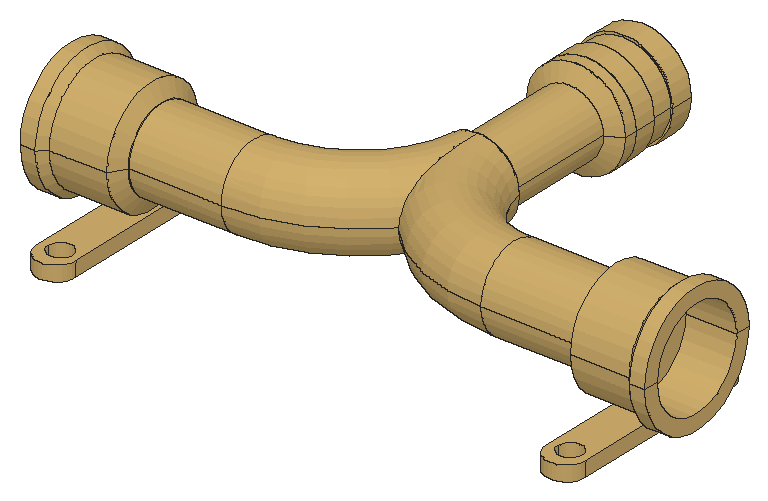
Revit family "UPEX_Te_Mis", category Pipe Fittings, Revit 2025
Family settings
  Round Connector Dimension = Use Diameter
  Part Type = Tee
  OmniClass Number = 23.60.30.11.14
  OmniClass Title = Pipework Fittings
  Work Plane-Based = No
  Always vertical = Yes
  Cut with Voids When Loaded = No
  Shared = No
Parameters (values of type "16x1/2"")
  Visualização Conexão = yes
  URL = "https://www.ultrapex.com.br/_files/ugd/9f3173_32d47a29bbff48b5af4781a5d529eee8.pdf"
  ULTRAPEX: Versão = "01"  # constant formula
  ULTRAPEX: Norma Técnica = "NBR 15939"  # constant formula
  ULTRAPEX: Descrição [instance] = size_lookup(LookupTable, "DES", "Produto Inexistente", DN1, DN2)  # "Tê Misturador 16x1/2\" - ULTRAPEX"
  ULTRAPEX: Código [instance] = size_lookup(LookupTable, "COD", 0, DN1, DN2)  # 9141612
  Type Image = Tê Misturador.png
  RN2 = DN2 / 2  # 10.05 mm
  RN1 [instance] = DN1 / 2 + 2.0 mm  # 10.0 mm
  Material = Latão - Ultrapex
  LookupTable = "Tê Misturador - ULTRAPEX"
  IfcExportAs = "IfcPipeFittingType.CONNECTOR"  # constant formula
  Manufacturer = "UltraPEX"  # constant formula
  Default Elevation = 0.0 mm
  Description = "Tê Misturador - ULTRAPEX"
  DN2 Nominal = 20.0 mm
  DN2 = if(DN2 Nominal = 20 mm, 20.1 mm, if(DN2 Nominal = 25 mm, 26.4 mm, if(DN2 Nominal = 32 mm, 33.4 mm, 20 mm)))  # 20.1 mm
  DN1 = 16 mm
  Cota J = size_lookup(LookupTable, "J", 10.3 mm, DN1, DN2)  # 10.3 mm
  Cota I = size_lookup(LookupTable, "I", 1.5 mm, DN1, DN2)  # 1.5 mm
  Cota H = size_lookup(LookupTable, "H", 16.7 mm, DN1, DN2)  # 16.7 mm
  Cota G = size_lookup(LookupTable, "G", 23.5 mm, DN1, DN2)  # 23.5 mm
  Cota F = size_lookup(LookupTable, "F", 21.5 mm, DN1, DN2)  # 26.1 mm
  Cota E = size_lookup(LookupTable, "E", 16.7 mm, DN1, DN2)  # 16.7 mm
  Cota D = size_lookup(LookupTable, "D", 4.3 mm, DN1, DN2)  # 4.3 mm
  Cota C = size_lookup(LookupTable, "C", 103.0 mm, DN1, DN2)  # 103.0 mm
  Cota B = size_lookup(LookupTable, "B", 65.0 mm, DN1, DN2)  # 65.0 mm
  Cota A = size_lookup(LookupTable, "A", 126.2 mm, DN1, DN2)  # 126.2 mm
Types (4, lengths in mm): name | ULTRAPEX: Descrição | ULTRAPEX: Código | RN2 | RN1 | DN2 Nominal | DN2 | DN1 | Cota J | Cota I | Cota H | Cota G | Cota F | Cota E | Cota D | Cota C | Cota B | Cota A
  16x1/2" | "Tê Misturador 16x1/2\" - ULTRAPEX" | 9141612 | 10.05 | 10.0 | 20.0 | 20.1 | 16 | 10.3 | 1.5 | 16.7 | 23.5 | 26.1 | 16.7 | 4.3 | 103.0 | 65.0 | 126.2
  16x3/4" | "Tê Misturador 16x3/4\"  - ULTRAPEX" | 9141634 | 13.2 | 10.0 | 25.0 | 26.4 | 16 | 11.8 | 1.5 | 17.9 | 25.1 | 30.4 | 17.8 | 4.6 | 105.0 | 68.0 | 135.0
  20x1/2" | "Tê Misturador 20x1/2\" - ULTRAPEX" | 9142012 | 10.05 | 12.0 | 20.0 | 20.1 | 20 | 10.3 | 0.5 | 16.7 | 23.5 | 26.1 | 16.7 | 4.3 | 103.0 | 65.0 | 126.2
  20x3/4" | "Tê Misturador 20x3/4\" - ULTRAPEX" | 9142034 | 13.2 | 12.0 | 25.0 | 26.4 | 20 | 11.8 | 0.5 | 17.9 | 25.1 | 30.4 | 17.8 | 4.6 | 105.0 | 68.0 | 135.0
Reference planes
  plane 1 "Centro (Frente/Trás)": y = 0
  plane 2: z = 0
  plane 3 "Centro (Esquerda/Direita)": x = 0
  plane 4: x = -63.1
  plane 5: x = 63.1
  plane 6: x = -51.5
  plane 7: x = 51.5
  plane 8: y = -22.438
  plane 9: y = 65
  plane 10: y = -13.05
  plane 11: y = 13.05
  plane 12: x = -8.35
  plane 13: x = 8.35
  plane 14: y = 23.5
  plane 15: y = 51
  plane 16: y = 46.7
  plane 17: y = 8.35
  plane 18: y = -8.35
  plane 19: x = -46.516
  plane 20: x = -45.016
  plane 21: x = 45.016
  plane 22: x = 46.516
  plane 23: y = 22.438
  plane 24: y = 18.437
  plane 25: y = -18.438
  plane 26: z = -13.05
  plane 27: z = 13.05
Forms (mm)
  Sweep 1, solid, material "Latão - Ultrapex" <- "Material", detail levels fine
    path origin (0.24, 0, 0) x (1, 0, 0) y (0, 1, 0)
      loop
        arc (-0.24, 23.5) -> (8.36, 6.736) -> (25.956, 0) r 26.351
        line (25.956, 0) -> (44.776, 0)
    profile origin (35.606, 0, 0) x (0, 1, 0) y (0, 0, 1)
      loop
        circle (0, 0) r 8.35
  Revolve 2, void, detail levels fine
    sketch origin (0, 0, 0) x (1, 0, 0) y (0, 1, 0)
      loop
        line (0, 26.351) -> (0, 23.5) -> (11.267, 23.5) -> (11.267, 26.351) -> (0, 26.351)
      axis (0, 26.351) -> (0, 23.5)
    angle from 0 to 360
  Revolve 3, solid, material "Latão - Ultrapex" <- "Material", detail levels fine
    sketch origin (0, 0, 0) x (1, 0, 0) y (0, 1, 0)
      loop
        line (10, 51) -> (0, 51) -> (0, 23.5) -> (8.35, 23.5) -> (6.85, 25) -> (6.85, 46.7) -> (10, 48.5) -> (10, 51)
      axis (0, 51) -> (0, 23.5)
    angle from 0 to 360
  Revolve 4, solid, material "Latão - Ultrapex" <- "Material", detail levels fine
    sketch origin (0.268, 0, 0) x (1, 0, 0) y (0, 1, 0)
      loop
        line (-45.284, 8.35) -> (-47.131, 11.55) -> (-58.857, 11.55) -> (-60.357, 13.05) -> (-63.368, 13.05) -> (-63.368, 10.05) -> (-53.068, 10.05) -> (-53.068, 0) -> (-45.284, 0) -> (-45.284, 8.35)
      axis (-63.368, 0) -> (-45.284, 0)
    angle from 0 to 360
  Extrusion 5, solid, material "Latão - Ultrapex" <- "Material", detail levels fine
    sketch origin (-63.1, -1524, -13.05) x (-1, 0, 0) y (0, -1, 0)
      loop
        arc (-15.6, -1542.438) -> (-11.6, -1546.438) -> (-7.6, -1542.438) r 4
        line (-7.6, -1542.438) -> (-7.6, -1505.562)
        arc (-7.6, -1505.562) -> (-11.6, -1501.562) -> (-15.6, -1505.562) r 4
        line (-15.6, -1505.562) -> (-15.6, -1542.438)
      loop
        circle (-11.6, -1541.437) r 2.5
      loop
        circle (-11.6, -1506.562) r 2.5
      loop
        line (-110.6, -1542.438) -> (-110.6, -1505.562)
        arc (-110.6, -1505.562) -> (-114.6, -1501.562) -> (-118.6, -1505.562) r 4
        line (-118.6, -1505.562) -> (-118.6, -1542.438)
        arc (-118.6, -1542.438) -> (-114.6, -1546.438) -> (-110.6, -1542.438) r 4
      loop
        circle (-114.6, -1541.437) r 2.5
      loop
        circle (-114.6, -1506.562) r 2.5
    from 0 to -3
  Sweep 6, solid, material "Latão - Ultrapex" <- "Material", detail levels fine
    path origin (-0.24, 0, 0) x (-1, 0, 0) y (0, 1, 0)
      loop
        arc (-0.24, 23.5) -> (8.36, 6.736) -> (25.956, 0) r 26.351
        line (25.956, 0) -> (44.776, 0)
    profile origin (-35.606, 0, 0) x (0, -1, 0) y (0, 0, 1)
      loop
        circle (0, 0) r 8.35
  Revolve 7, solid, material "Latão - Ultrapex" <- "Material", detail levels fine
    sketch origin (-0.268, 0, 0) x (-1, 0, 0) y (0, 1, 0)
      loop
        line (-45.284, 8.35) -> (-47.131, 11.55) -> (-58.868, 11.55) -> (-60.368, 13.05) -> (-63.368, 13.05) -> (-63.368, 10.05) -> (-53.068, 10.05) -> (-53.068, 0) -> (-45.284, 0) -> (-45.284, 8.35)
      axis (-63.368, 0) -> (-45.284, 0)
    angle from 0 to 360
Cuts and joins
  joined: Revolve 3, Revolve 4, Extrusion 5, Revolve 7
  Revolve 2 cuts Sweep 1
  Revolve 2 cuts Sweep 6
  joined: Sweep 1, Sweep 6
Lines and regions (mm)
  model lines, detail levels coarse+medium
    curve 1: line (0, 51, 0) -> (0, 23.5, 0)
    curve 2: line (-63.1, 0, 0) -> (-27.716, 0, 0)
    curve 3: arc (-27.716, 0, 0) -> (-9.128, 6.172, 0) -> (0, 23.5, 0) r 26.224
    curve 4: line (63.1, 0, 0) -> (27.716, 0, 0)
    curve 5: arc (27.716, 0, 0) -> (9.128, 6.172, 0) -> (0, 23.5, 0) r 26.224
Dimensions and locks
  "Cota A": plane 4 to plane 5
  "Cota C": plane 6 to plane 7
  locked: plane 15 to plane 9 at 14
  "Cota D": plane 16 to plane 15
  equal spacing: plane 20, plane 3 "Centro (Esquerda/Direita)", plane 21
  equal spacing: plane 19, plane 3 "Centro (Esquerda/Direita)", plane 22
  locked: plane 19 to plane 20 at 1.5
  plane 21 to plane 22 = 1.5 mm
  equal spacing: plane 6, plane 3 "Centro (Esquerda/Direita)", plane 7
  equal spacing: plane 18, plane 1 "Centro (Frente/Trás)", plane 17
  equal spacing: plane 10, plane 1 "Centro (Frente/Trás)", plane 11
  "Cota F": plane 10 to plane 11
  "Cota E": plane 18 to plane 17
  "Cota H": plane 12 to plane 13
  "Cota G": plane 1 "Centro (Frente/Trás)" to plane 14
  equal spacing: plane 12, plane 3 "Centro (Esquerda/Direita)", plane 13
  locked: Revolve 3 sketch curve to plane 15 at 2.5
  "RN2": plane 1 "Centro (Frente/Trás)" to Revolve 4 sketch curve
  "RN2": plane 1 "Centro (Frente/Trás)" to Revolve 7 sketch curve
  equal spacing: plane 4, plane 3 "Centro (Esquerda/Direita)", plane 5
  "Cota B": plane 1 "Centro (Frente/Trás)" to plane 9
  locked: plane 24 to plane 23 at 4
  locked: plane 25 to plane 8 at 4
  equal spacing: plane 8, plane 1 "Centro (Frente/Trás)", plane 23
  locked: plane 8 to plane 23 at 44.875
  equal spacing: Extrusion 5 sketch curve, plane 6, Extrusion 5 sketch curve  (x3)
  locked: Extrusion 5 sketch curve to Extrusion 5 sketch curve at 8  (x2)
  locked: plane 24 to Extrusion 5 sketch curve at 4  (x2)
  locked: Extrusion 5 sketch curve to plane 25 at 4  (x2)
  locked: Extrusion 5 sketch curve to plane 23 at 5  (x2)
  locked: Extrusion 5 sketch curve to plane 8 at 5  (x2)
  locked: Extrusion 5 sketch curve to Extrusion 5 sketch curve at 5  (x4)
  equal spacing: Extrusion 5 sketch curve, plane 7, Extrusion 5 sketch curve  (x3)
  locked: plane 14 to Revolve 3 sketch curve at 1.5
  "Cota I": Revolve 3 sketch curve to plane 13
  "RN1": plane 3 "Centro (Esquerda/Direita)" to Revolve 3 sketch curve
  plane 2 to plane 26 = 13.05 mm
  equal spacing: plane 27, plane 2, plane 26
  "Cota F": plane 27 to plane 26
  "Cota J": plane 4 to Revolve 4 sketch curve
  "Cota J": Revolve 7 sketch curve to plane 5
  locked: Revolve 4 sketch curve to Revolve 4 sketch curve at 3
  locked: Revolve 4 sketch curve to Revolve 4 sketch curve at 3.011
  locked: Revolve 7 sketch curve to Revolve 7 sketch curve at 3  (x2)
  equal spacing: Revolve 7 sketch curve, Revolve 7 sketch curve, Revolve 7 sketch curve
  equal spacing: Revolve 4 sketch curve, Revolve 4 sketch curve, Revolve 4 sketch curve
  "Cota H": diameter of Sweep 6 sketch curve
  "Cota H": diameter of Sweep 1 sketch curve
  locked: Revolve 4 sketch curve to plane 11 (angle 45.00°)
  locked: plane 11 to Revolve 7 sketch curve (angle 45.00°)
  locked: Revolve 4 sketch curve to plane 17 (angle 60.00°)
  locked: plane 17 to Revolve 7 sketch curve (angle 60.00°)
  aligned and locked: plane 2 to level
  aligned and locked: plane 3 "Centro (Esquerda/Direita)" to Sweep 1 sketch curve
  aligned and locked: plane 1 "Centro (Frente/Trás)" to Sweep 1 sketch curve
  aligned and locked: plane 3 "Centro (Esquerda/Direita)" to Sweep 6 sketch curve
  aligned and locked: Sweep 6 sketch curve to plane 1 "Centro (Frente/Trás)"
  aligned and locked: plane 15 to Revolve 3 sketch curve
  aligned and locked: plane 1 "Centro (Frente/Trás)" to Revolve 4 sketch curve
  aligned and locked: Revolve 4 sketch curve to plane 20
  aligned and locked: plane 17 to Revolve 7 sketch curve
  aligned and locked: Revolve 7 sketch curve to plane 21
  aligned and locked: Revolve 7 sketch curve to plane 1 "Centro (Frente/Trás)"  (x2)
  aligned and locked: plane 5 to Revolve 7 sketch curve
  aligned and locked: plane 15 to nested 1
  aligned and locked: plane 25 to Extrusion 5 sketch curve
  aligned and locked: Extrusion 5 sketch curve to plane 25  (x3)
  aligned and locked: plane 24 to Extrusion 5 sketch curve
  aligned and locked: Extrusion 5 sketch curve to plane 24  (x3)
  aligned and locked: Revolve 3 sketch curve to plane 3 "Centro (Esquerda/Direita)"
  aligned and locked: nested 1 to Revolve 3 sketch curve
  aligned and locked: plane 13 to Revolve 3 sketch curve
Automatic sketch dimensions
  Sweep 1 sketch curve to plane 21 = 0.0 mm
  plane 14 to Sweep 1 sketch curve = 0.0 mm
  Sweep 1 sketch curve to plane 14 = 2.851 mm
  Revolve 2 sketch curve to plane 3 "Centro (Esquerda/Direita)" = 0.0 mm  (x2)
  plane 14 to Revolve 2 sketch curve = 0.0 mm
  Revolve 2 sketch curve to plane 13 = 2.917 mm
  Revolve 2 sketch curve to plane 14 = 2.851 mm
  Revolve 2 sketch curve to Revolve 2 sketch curve = 3.627 mm
  Revolve 2 sketch curve to Revolve 2 sketch curve = 2.159 mm
  Sweep 6 sketch curve to plane 20 = 0.0 mm
  plane 14 to Sweep 6 sketch curve = 0.0 mm
  plane 14 to Sweep 6 sketch curve = 2.851 mm
  plane 1 "Centro (Frente/Trás)" to curve 2 = 0.0 mm
  curve 2 to plane 4 = 0.0 mm
  curve 1 to plane 3 "Centro (Esquerda/Direita)" = 0.0 mm
  plane 1 "Centro (Frente/Trás)" to curve 5 = 0.0 mm
  curve 4 to plane 5 = 0.0 mm
  plane 14 to curve 1 = 0.0 mm
  plane 15 to curve 1 = 0.0 mm
  curve 2 to plane 20 = 17.3 mm
  curve 3 to plane 14 = 2.674 mm
  curve 5 to plane 14 = 2.674 mm
  plane 3 "Centro (Esquerda/Direita)" to curve 5 = 26.088 mm
  Sweep 1 sketch curve to profile plane = 0.0 mm  (x2)
  plane 23 to Revolve 3 sketch curve = 0.0 mm
  plane 14 to Revolve 3 sketch curve = 0.0 mm
  plane 16 to Revolve 3 sketch curve = 0.0 mm
  plane 15 to Revolve 3 sketch curve = 0.0 mm
  plane 1 "Centro (Frente/Trás)" to Revolve 4 sketch curve = 0.0 mm
  Revolve 4 sketch curve to plane 4 = 0.0 mm
  plane 17 to Revolve 4 sketch curve = 0.0 mm
  plane 4 to Revolve 4 sketch curve = 0.639 mm
  plane 6 to Revolve 4 sketch curve = 0.032 mm
  Sweep 6 sketch curve to level = 0.0 mm
  Sweep 6 sketch curve to profile plane = 0.0 mm
  plane 5 to Revolve 7 sketch curve = 0.103 mm
  plane 7 to Revolve 7 sketch curve = 0.032 mm
Nested families
  nested 1: "Anel Deslizante - ULTRAPEX" at (0, 51, 0), Diâmetro Nominal <- "DN1", type "Anel Deslizante - ULTRAPEX"
    with ULTRAPEX: Descrição "Anel Deslizante 16 mm - ULTRAPEX", ULTRAPEX: Código 9040016, Diâmetro Nominal 16 mm, DN 16.0 mm, Cota C 4.667 mm, Cota B 14.0 mm, Cota A 20.0 mm
Connectors
  piping at (52.8, 0, 0), diameter 20, driven by "DN2 Nominal"
    settings: on cut or joined group of Revolve 3, Revolve 4, Extrusion 5, Revolve 7, index 1, connector inside diameter 609.6 mm, connector length 0.0 mm, flow factor 0, pipe flow 0.0 L/s, pressure drop 0.0 Pa, fitting loss kfactor 0, connector angle 0.00°, fixture units 0, engagement length 0.0 mm, angle of deflection 0.00°, flow configuration 0, flow direction 0, fitting loss method 0, system type 28, joint type 0, gender type 0, connector reference index -1, connector utility 0, adjustable connector no, is connector primary yes, connector description ""
  piping at (-52.8, 0, 0), diameter 20, driven by "DN2 Nominal"
    settings: on cut or joined group of Revolve 3, Revolve 4, Extrusion 5, Revolve 7, index 2, connector inside diameter 609.6 mm, connector length 0.0 mm, flow factor 0, pipe flow 0.0 L/s, pressure drop 0.0 Pa, fitting loss kfactor 0, connector angle 0.00°, fixture units 0, engagement length 0.0 mm, angle of deflection 0.00°, flow configuration 0, flow direction 0, fitting loss method 0, system type 28, joint type 0, gender type 0, connector reference index -1, connector utility 0, adjustable connector no, is connector primary no, connector description ""
  piping at (0, 51, 0), diameter 16, driven by "DN1"
    settings: on cut or joined group of Revolve 3, Revolve 4, Extrusion 5, Revolve 7, index 3, connector inside diameter 609.6 mm, connector length 0.0 mm, flow factor 0, pipe flow 0.0 L/s, pressure drop 0.0 Pa, fitting loss kfactor 0, connector angle 0.00°, fixture units 0, engagement length 0.0 mm, angle of deflection 0.00°, flow configuration 0, flow direction 0, fitting loss method 0, system type 28, joint type 0, gender type 0, connector reference index -1, connector utility 0, adjustable connector no, is connector primary no, connector description ""
Definition of nested family "Anel Deslizante - ULTRAPEX"
  Parameters (values of type "ANEL DESLIZANTE 16mm")
    URL = "https://www.ultrapex.com.br/_files/ugd/9f3173_32d47a29bbff48b5af4781a5d529eee8.pdf"
    ULTRAPEX: Versão = "00"  # constant formula
    ULTRAPEX: Norma Técnica = "NBR 15939"  # constant formula
    ULTRAPEX: Descrição [instance] = size_lookup(LookupTable, "DES", "Produto Inexistente", Diâmetro Nominal)  # "Anel Deslizante 16 mm - ULTRAPEX"
    ULTRAPEX: Código [instance] = size_lookup(LookupTable, "COD", 0, Diâmetro Nominal)  # 9040016
    Type Image = element 382182
    Material = none
    LookupTable = "Anel Deslizante - ULTRAPEX"  # constant formula
    IfcExportAs = "IfcPipeFittingType.CONNECTOR"  # constant formula
    Manufacturer = "UltraPEX"  # constant formula
    Default Elevation = 0.0 mm
    Diâmetro Nominal [instance] = 16 mm
    Description = "Anel Deslizante - ULTRAPEX"
    DN [instance] = size_lookup(LookupTable, "DN", 16.0 mm, Diâmetro Nominal)  # 16.0 mm
    Cota C [instance] = Cota B / 3  # 4.667 mm
    Cota B [instance] = size_lookup(LookupTable, "B", 14.0 mm, Diâmetro Nominal)  # 14.0 mm
    Cota A [instance] = size_lookup(LookupTable, "A", 20.0 mm, Diâmetro Nominal)  # 20.0 mm
  Reference planes
    plane 1 "Centro (Frente/Trás)": y = 0
    plane 2: z = 0
    plane 3 "Centro (Esquerda/Direita)": x = 0
    plane 4: x = 8
    plane 5: x = -8
    plane 6: x = -10
    plane 7: x = 10
    plane 8: y = 14
  Forms (mm)
    Revolve 1, solid, material <- "Material", detail levels fine
      sketch origin (0, 0, 0) x (1, 0, 0) y (0, 1, 0)
        loop
          line (10, 0) -> (10, 14) -> (8, 14) -> (8, 0) -> (10, 0)
        axis (0, 0) -> (0, 14)
      angle from 0 to 360
    Revolve 2, void
      sketch origin (0, 0, 0) x (1, 0, 0) y (0, 1, 0)
        loop
          line (-10.952, 9.333) -> (-10.952, 4.667) -> (-9.524, 4.667) -> (-9.524, 9.333) -> (-10.952, 9.333)
        axis (0, 4.667) -> (0, 9.333)
      angle from 0 to 360
  Cuts and joins
    Revolve 2 cuts Revolve 1
  Lines and regions (mm)
    model lines, detail levels coarse+medium
      curve 1: line (0, 0, 0) -> (0, 14, 0)
  Dimensions and locks
    "DN": plane 5 to plane 4
    "Cota A": plane 6 to plane 7
    equal spacing: plane 6, plane 3 "Centro (Esquerda/Direita)", plane 7
    equal spacing: plane 5, plane 3 "Centro (Esquerda/Direita)", plane 4
    "Cota B": plane 1 "Centro (Frente/Trás)" to plane 8
    "Cota C": Revolve 2 sketch curve to plane 8
    "Cota C": plane 1 "Centro (Frente/Trás)" to Revolve 2 sketch curve
    locked: plane 6 to Revolve 2 sketch curve at 0.476
    locked: Revolve 2 sketch curve to Revolve 2 sketch curve at 1.428
    aligned and locked: level to plane 2
    aligned and locked: plane 3 "Centro (Esquerda/Direita)" to Revolve 1 sketch curve
    aligned and locked: Revolve 1 sketch curve to plane 7
    aligned and locked: plane 4 to Revolve 1 sketch curve
    aligned and locked: plane 1 "Centro (Frente/Trás)" to Revolve 1 sketch curve
    aligned and locked: plane 8 to Revolve 1 sketch curve
    aligned and locked: plane 8 to curve 1
    aligned and locked: plane 1 "Centro (Frente/Trás)" to curve 1
  Automatic sketch dimensions
    plane 1 "Centro (Frente/Trás)" to Revolve 1 sketch curve = 0.0 mm
    Revolve 1 sketch curve to Revolve 1 sketch curve = 0.0 mm
    curve 1 to plane 3 "Centro (Esquerda/Direita)" = 0.0 mm
    Revolve 2 sketch curve to plane 3 "Centro (Esquerda/Direita)" = 0.0 mm
    plane 1 "Centro (Frente/Trás)" to Revolve 2 sketch curve = 0.0 mm
    plane 8 to Revolve 2 sketch curve = 2.253 mm
